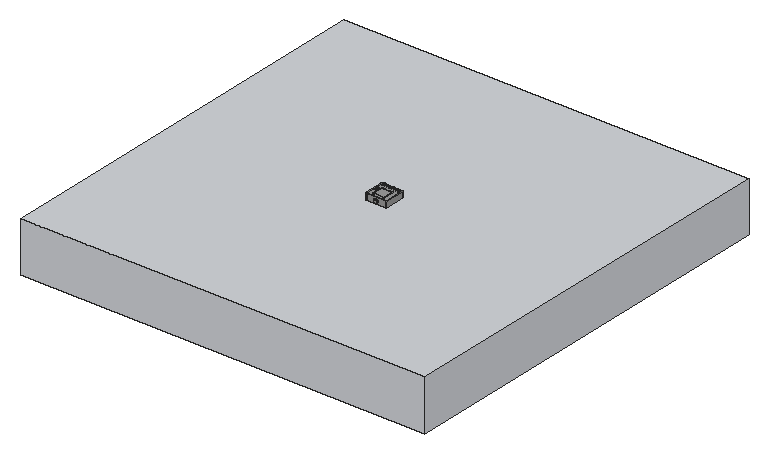
Revit family "Hekatron_Raumlufttechnik_DKT 02 or_DE_22.01", category Brandmelder, Revit 2018
Family settings
  Basisbauteil = Fläche
  Beschriftungsausrichtung beibehalten = Ja
  Bemaßung runder Anschluss = Durchmesser verwenden
  Teiletyp = Normal
  OmniClass-Nummer = 23.85.30.21
  OmniClass-Titel = Environmental Detection/Registration
  Beim Laden mit Abzugskörper schneiden = Nein
  Gemeinsam genutzt = Nein
  Raumberechnungspunkt = Nein
Parameters (values of type "DKT 02 or")
  Zulässige Umgebungstemperatur = ""
  Zulässige Luftgeschwindigkeit = ""
  Zulassungen nach EN 54 = ""
  Width [instance] = 125 mm
  Version des BIM Objektes = "22.01"
  VdS-Anerkennung = ""
  URL = "https://www.hekatron-brandschutz.de"
  UB A&S Artikel Nummer = "6200246"
  Typenkommentare = "Druckknopftaster DKT 02 orange"
  Tiefe (mm) = "125.0"
  Stromaufnahme = "10mA"
  Schutzart = "IP 20"
  Rauchteil einstellbar = ""
  Nettogewicht (g) = ""
  Montageart = "Aufputz"
  Modell = "DKT 02 or"
  Material = "Polycarbonat"
  Link zum Datenblatt = ""
  Link zu ausschreiben.de = "http://www.ausschreiben.de/katalog/Hekatron/position/186"
  Link zu Produktinformation = "https://www.hekatron-planungstools.de/Produktinfo/DKT_02_or.PDF"
  Link zu Ausschreibungstext = "https://www.hekatron-planungstools.de/LVTexte/DKT_02_or.pdf"
  Leistungserklärung (DoP) = ""
  Lautstärke DIN-Ton (dB) = ""
  Kabeleinführung = "oben, unten, hinten"
  Höhe (mm) = "125.0"
  Hersteller = "Hekatron"
  Heigth [instance] = 125 mm
  Funktionsprinzip = ""
  Farbe = "orange, ähnlich RAL 2011"
  Ex-Zonen = ""
  Einstellung Temperaturklasse nach EN 54-5 = ""
  Einstellung Temperaturindex nach EN 54-5 = ""
  Einstellung Rauchempfindlichkeit nach EN 54-20 = ""
  Einstellen Rauchempfindlichkeit nach EN 54-7 = ""
  EG-Konformitätszertifikat / Zertifikat der Leistungsbeständigkeit = ""
  Durchmesser (mm) = ""
  Depth [instance] = 38 mm
  Vorgabe-Ansicht = 1200 mm
  Breite (mm) = "38.0"
  Betriebsspannung = "24 V DC"
  Beschreibung = "Aufputz, zum manuellen Auslösen und Steuern der Rauchschutzklappen und von Feststellanlagen mit Selbsthaltung"
  Bauartgenehmigungen = ""
  Anzahl Ansaugleitungen = ""
  Ansprechtemperatur = ""
  Alarm- & Empfindlichkeitsbereich = ""
Reference planes
  plane 1 "Center (Front/Back)": y = 0
  plane 2: z = 0
  plane 3 "Center (Left/Right)": x = 0
Forms (mm)
  Extrusion 1, solid
    sketch origin (0, 0, 0) x (1, 0, 0) y (0, 1, 0)
      loop
        line (-1219.2, 1219.2) -> (-1219.2, -1219.2) -> (1219.2, -1219.2) -> (1219.2, 1219.2) -> (-1219.2, 1219.2)
    from 0 to -304.8
  Extrusion 2, solid, material "Polycarbonate, RAL 2011"
    sketch origin (0, 0, 0) x (1, 0, 0) y (0, 1, 0)
      loop
        line (59.615, 62.5) -> (-59.615, 62.5)
        arc (-59.615, 62.5) -> (-61.655, 61.655) -> (-62.5, 59.615) r 2.885
        line (-62.5, 59.615) -> (-62.5, -59.615)
        arc (-62.5, -59.615) -> (-61.655, -61.655) -> (-59.615, -62.5) r 2.885
        line (-59.615, -62.5) -> (59.615, -62.5)
        arc (59.615, -62.5) -> (61.655, -61.655) -> (62.5, -59.615) r 2.885
        line (62.5, -59.615) -> (62.5, 59.615)
        arc (62.5, 59.615) -> (61.655, 61.655) -> (59.615, 62.5) r 2.885
      loop
        line (56.25, 59.615) -> (-56.25, 59.615)
        arc (-56.25, 59.615) -> (-58.63, 58.63) -> (-59.615, 56.25) r 3.365
        line (-59.615, 56.25) -> (-59.615, -56.25)
        arc (-59.615, -56.25) -> (-58.63, -58.63) -> (-56.25, -59.615) r 3.365
        line (-56.25, -59.615) -> (56.25, -59.615)
        arc (56.25, -59.615) -> (58.63, -58.63) -> (59.615, -56.25) r 3.365
        line (59.615, -56.25) -> (59.615, 56.25)
        arc (59.615, 56.25) -> (58.63, 58.63) -> (56.25, 59.615) r 3.365
    from 0 to 38
  Extrusion 3, solid, material "Polycarbonate, RAL 2011"
    sketch origin (0, 0, 7) x (1, 0, 0) y (0, 1, 0)
      loop
        line (62.5, -59.423) -> (62.5, 59.423) -> (-56.25, 59.423)
        arc (-56.25, 59.423) -> (-58.494, 58.494) -> (-59.423, 56.25) r 3.173
        line (-59.423, 56.25) -> (-59.423, -56.25)
        arc (-59.423, -56.25) -> (-58.494, -58.494) -> (-56.25, -59.423) r 3.173
        line (-56.25, -59.423) -> (62.5, -59.423)
      loop
        line (33, 24.012) -> (-33, 24.012)
        arc (-33, 24.012) -> (-34.414, 23.426) -> (-35, 22.012) r 2
        line (-35, 22.012) -> (-35, -44.988)
        arc (-35, -44.988) -> (-34.414, -46.403) -> (-33, -46.988) r 2
        line (-33, -46.988) -> (33, -46.988)
        arc (33, -46.988) -> (34.414, -46.403) -> (35, -44.988) r 2
        line (35, -44.988) -> (35, 22.012)
        arc (35, 22.012) -> (34.414, 23.426) -> (33, 24.012) r 2
    from 27 to 31
  Extrusion 4, solid, material "Polycarbonate, RAL 2011"
    sketch origin (0, 0, 0) x (1, 0, 0) y (0, 1, 0)
      loop
        line (-56.25, -59.615) -> (56.25, -59.615)
        arc (56.25, -59.615) -> (58.63, -58.63) -> (59.615, -56.25) r 3.365
        line (59.615, -56.25) -> (59.615, 56.25)
        arc (59.615, 56.25) -> (58.63, 58.63) -> (56.25, 59.615) r 3.365
        line (56.25, 59.615) -> (-56.25, 59.615)
        arc (-56.25, 59.615) -> (-58.63, 58.63) -> (-59.615, 56.25) r 3.365
        line (-59.615, 56.25) -> (-59.615, -56.25)
        arc (-59.615, -56.25) -> (-58.63, -58.63) -> (-56.25, -59.615) r 3.365
    from 0 to 15
  Extrusion 5, solid, material "Stainless Steel, Polished"
    sketch origin (0, 0, 7) x (1, 0, 0) y (0, 1, 0)
      loop
        circle (-48.262, 0) r 9.502
    from 31.5 to 33
  Extrusion 6, solid, material "Polycarbonate, Clear"
    sketch origin (0, 0, 7) x (1, 0, 0) y (0, 1, 0)
      loop
        line (-35, 22.012) -> (-35, -44.988)
        arc (-35, -44.988) -> (-34.414, -46.403) -> (-33, -46.988) r 2
        line (-33, -46.988) -> (33, -46.988)
        arc (33, -46.988) -> (34.414, -46.403) -> (35, -44.988) r 2
        line (35, -44.988) -> (35, 22.012)
        arc (35, 22.012) -> (34.414, 23.426) -> (33, 24.012) r 2
        line (33, 24.012) -> (-33, 24.012)
        arc (-33, 24.012) -> (-34.414, 23.426) -> (-35, 22.012) r 2
    from 29 to 30
  Extrusion 7, void
    sketch origin (0, 0, 0) x (1, 0, 0) y (0, 1, 0)
      loop
        line (56.25, 59.615) -> (56.25, -59.615) -> (62.5, -59.615) -> (62.5, 59.615) -> (56.25, 59.615)
    from 34 to 38
  Sweep 8, void
    path in 3D
      loop
        line (62.5, -59.423, 38) -> (62.5, 59.423, 38)
    profile origin (62.5, 0, 38) x (-1, 0, 0) y (0, 0, 1)
      loop
        line (0, 0) -> (0, -2)
        arc (0, -2) -> (0.586, -0.586) -> (2, 0) r 2
        line (2, 0) -> (0, 0)
  Sweep 9, void
    path in 3D
      loop
        line (62.5, -61.8, 34) -> (62.5, 61.8, 34)
    profile origin (62.5, 0, 34) x (1, 0, 0) y (0, 0, -1)
      loop
        line (0, 0) -> (-2, 0)
        arc (-2, 0) -> (-0.586, -0.586) -> (0, -2) r 2
        line (0, -2) -> (0, 0)
  Extrusion 10, void
    sketch origin (0, 3.594, 7) x (1, 0, 0) y (0, 1, 0)
      loop
        line (0, 53.108) -> (-48, 53.108)
        arc (-48, 53.108) -> (-50.121, 52.23) -> (-51, 50.108) r 3
        line (-51, 50.108) -> (-51, 40.608)
        arc (-51, 40.608) -> (-50.121, 38.487) -> (-48, 37.608) r 3
        line (-48, 37.608) -> (0, 37.608) -> (48, 37.608)
        arc (48, 37.608) -> (50.121, 38.487) -> (51, 40.608) r 3
        line (51, 40.608) -> (51, 50.108)
        arc (51, 50.108) -> (50.121, 52.23) -> (48, 53.108) r 3
        line (48, 53.108) -> (0, 53.108)
    from 30.5 to 31
  Extrusion 11, solid, material "PVC"
    sketch origin (0, 3.594, 7) x (1, 0, 0) y (0, 1, 0)
      loop
        line (0, 53.108) -> (-48, 53.108)
        arc (-48, 53.108) -> (-50.121, 52.23) -> (-51, 50.108) r 3
        line (-51, 50.108) -> (-51, 40.608)
        arc (-51, 40.608) -> (-50.121, 38.487) -> (-48, 37.608) r 3
        line (-48, 37.608) -> (0, 37.608) -> (48, 37.608)
        arc (48, 37.608) -> (50.121, 38.487) -> (51, 40.608) r 3
        line (51, 40.608) -> (51, 50.108)
        arc (51, 50.108) -> (50.121, 52.23) -> (48, 53.108) r 3
        line (48, 53.108) -> (0, 53.108)
    from 30.5 to 30.8
  Extrusion 12, solid, material "Polycarbonate, RAL 2011"
    sketch origin (0, 0, 7) x (1, 0, 0) y (0, 1, 0)
      loop
        circle (-48.262, 0) r 10.002
    from 31 to 31.5
  Extrusion 13, void
    sketch origin (0, 0, 7) x (1, 0, 0) y (0, 1, 0)
      loop
        circle (-48.262, 7.254) r 2
    from 31.5 to 33
  Extrusion 14, solid, material "ABS Plastic, RAL 3001"
    sketch origin (0, 1.709, 3) x (1, 0, 0) y (0, 1, 0)
      loop
        circle (0, -12.075) r 7.542
    from 16 to 26
  Extrusion 15, solid, material "ABS Plastic"
    sketch origin (2.273, 1.709, 3) x (1, 0, 0) y (0, 1, 0)
      loop
        arc (-7.523, -24.131) -> (-8.23, -24.423) -> (-8.523, -25.131) r 1
        line (-8.523, -25.131) -> (-8.523, -35.631)
        arc (-8.523, -35.631) -> (-8.23, -36.338) -> (-7.523, -36.631) r 1
        line (-7.523, -36.631) -> (2.977, -36.631)
        arc (2.977, -36.631) -> (3.684, -36.338) -> (3.977, -35.631) r 1
        line (3.977, -35.631) -> (3.977, -25.131)
        arc (3.977, -25.131) -> (3.684, -24.423) -> (2.977, -24.131) r 1
        line (2.977, -24.131) -> (-7.523, -24.131)
      loop
        arc (-7.523, -24.631) -> (-7.877, -24.777) -> (-8.023, -25.131) r 0.5
        line (-8.023, -25.131) -> (-8.023, -35.631)
        arc (-8.023, -35.631) -> (-7.877, -35.984) -> (-7.523, -36.131) r 0.5
        line (-7.523, -36.131) -> (2.977, -36.131)
        arc (2.977, -36.131) -> (3.331, -35.984) -> (3.477, -35.631) r 0.5
        line (3.477, -35.631) -> (3.477, -25.131)
        arc (3.477, -25.131) -> (3.331, -24.777) -> (2.977, -24.631) r 0.5
        line (2.977, -24.631) -> (-7.523, -24.631)
    from 12 to 12.3
  Extrusion 16, solid, material "ABS Plastic"
    sketch origin (0, 1.709, 3) x (1, 0, 0) y (0, 1, 0)
      loop
        circle (0, -12.075) r 6.542
    from 12 to 16
  Revolve 17, solid, material "LED Red, Off"
    sketch origin (0, 0, 3) x (1, 0, 0) y (0, 0, 1)
      loop
        line (0, 12) -> (0, 14)
        arc (0, 14) -> (-1.414, 13.414) -> (-2, 12) r 2
        line (-2, 12) -> (0, 12)
      axis (0, 14) -> (0, 12)
    angle from 0 to 360
  Revolve 18, solid, material "LED Green, Off"
    sketch origin (-28.78, 0, 3) x (1, 0, 0) y (0, 0, 1)
      loop
        line (0, 12) -> (0, 14)
        arc (0, 14) -> (-1.414, 13.414) -> (-2, 12) r 2
        line (-2, 12) -> (0, 12)
      axis (0, 14) -> (0, 12)
    angle from 0 to 360
  Extrusion 19, solid, material "ABS Plastic"
    sketch origin (0, 1.709, 3) x (1, 0, 0) y (0, 1, 0)
      loop
        arc (-24.526, 0.624) -> (-25.233, 0.331) -> (-25.526, -0.376) r 1
        line (-25.526, -0.376) -> (-25.526, -3.376)
        arc (-25.526, -3.376) -> (-25.233, -4.083) -> (-24.526, -4.376) r 1
        line (-24.526, -4.376) -> (-19.026, -4.376)
        arc (-19.026, -4.376) -> (-18.319, -4.083) -> (-18.026, -3.376) r 1
        line (-18.026, -3.376) -> (-18.026, -0.376)
        arc (-18.026, -0.376) -> (-18.319, 0.331) -> (-19.026, 0.624) r 1
        line (-19.026, 0.624) -> (-24.526, 0.624)
      loop
        arc (-24.526, 0.124) -> (-24.88, -0.022) -> (-25.026, -0.376) r 0.5
        line (-25.026, -0.376) -> (-25.026, -3.376)
        arc (-25.026, -3.376) -> (-24.88, -3.729) -> (-24.526, -3.876) r 0.5
        line (-24.526, -3.876) -> (-19.026, -3.876)
        arc (-19.026, -3.876) -> (-18.672, -3.729) -> (-18.526, -3.376) r 0.5
        line (-18.526, -3.376) -> (-18.526, -0.376)
        arc (-18.526, -0.376) -> (-18.672, -0.022) -> (-19.026, 0.124) r 0.5
        line (-19.026, 0.124) -> (-24.526, 0.124)
    from 12 to 12.3
  Extrusion 20, solid, material "Polycarbonate, RAL 2011"
    sketch origin (0, 0, 2.5) x (1, 0, 0) y (0, 0, 1)
      loop
        circle (0, 12.5) r 12
    from -65 to -62.5
  Extrusion 21, solid, material "Polycarbonate, RAL 2011"
    sketch origin (0, 0, 2.5) x (1, 0, 0) y (0, 0, 1)
      loop
        circle (0, 12.5) r 10
    from -67 to -65
  Extrusion 22, solid, material "Polycarbonate, RAL 2011"
    sketch origin (0, 0, 2.5) x (1, 0, 0) y (0, 0, -1)
      loop
        circle (0, -12.5) r 12
    from -65 to -62.5
  Extrusion 23, solid, material "Polycarbonate, RAL 2011"
    sketch origin (0, 0, 2.5) x (1, 0, 0) y (0, 0, -1)
      loop
        circle (0, -12.5) r 10
    from -67 to -65
Cuts and joins
  Extrusion 7 cuts Extrusion 2
  joined: Extrusion 2, Extrusion 20, Extrusion 21
  Sweep 8, Sweep 9, Extrusion 10 cuts Extrusion 3
  joined: Extrusion 3, Extrusion 12
  Extrusion 13 cuts Extrusion 5
Lines and regions (mm)
  sketch lines
    curve 1: line (62.5, -59.423, 38) -> (62.5, 59.423, 38)
    curve 2: line (62.5, -61.8, 34) -> (62.5, 61.8, 34)
Dimensions and locks
  "Depth": cut or joined group of Extrusion 2, Extrusion 7, Extrusion 20, Extrusion 21 to Extrusion 1
  "Width": cut or joined group of Extrusion 2, Extrusion 7, Extrusion 20, Extrusion 21 to cut or joined group of Extrusion 2, Extrusion 7, Extrusion 20, Extrusion 21
  "Heigth": cut or joined group of Extrusion 2, Extrusion 7, Extrusion 20, Extrusion 21 to cut or joined group of Extrusion 2, Extrusion 7, Extrusion 20, Extrusion 21
  aligned and locked: plane 2 to Extrusion 1
  aligned and locked: level to Extrusion 1
Automatic sketch dimensions
  Extrusion 1 sketch curve to Extrusion 1 sketch curve = 2438.4 mm  (x2)
  Extrusion 2 sketch curve to plane 3 "Center (Left/Right)" = 62.5 mm
  Extrusion 2 sketch curve to Extrusion 2 sketch curve = 2.885 mm  (x3)
  Extrusion 2 sketch curve to Extrusion 2 sketch curve = 0 mm  (x2)
  Extrusion 2 sketch curve to Extrusion 2 sketch curve = 3.365 mm  (x6)
  plane 3 "Center (Left/Right)" to Extrusion 2 sketch curve = 56.25 mm  (x2)
  plane 1 "Center (Front/Back)" to Extrusion 2 sketch curve = 62.5 mm
  Extrusion 2 sketch curve to plane 1 "Center (Front/Back)" = 56.25 mm
  Extrusion 3 sketch curve to plane 3 "Center (Left/Right)" = 59.423 mm
  Extrusion 3 sketch curve to Extrusion 3 sketch curve = 3.173 mm  (x2)
  Extrusion 3 sketch curve to plane 3 "Center (Left/Right)" = 35 mm
  Extrusion 3 sketch curve to Extrusion 3 sketch curve = 2 mm  (x3)
  plane 3 "Center (Left/Right)" to Extrusion 3 sketch curve = 33 mm  (x2)
  Extrusion 3 sketch curve to Extrusion 3 sketch curve = 29.5 mm
  plane 1 "Center (Front/Back)" to Extrusion 3 sketch curve = 59.423 mm
  Extrusion 3 sketch curve to Extrusion 3 sketch curve = 9.262 mm
  Extrusion 3 sketch curve to plane 1 "Center (Front/Back)" = 22.012 mm
  Extrusion 3 sketch curve to Extrusion 3 sketch curve = 32.238 mm
  Extrusion 4 sketch curve to plane 3 "Center (Left/Right)" = 59.615 mm
  Extrusion 4 sketch curve to Extrusion 4 sketch curve = 3.365 mm  (x3)
  plane 3 "Center (Left/Right)" to Extrusion 4 sketch curve = 56.25 mm  (x2)
  plane 1 "Center (Front/Back)" to Extrusion 4 sketch curve = 59.615 mm
  Extrusion 4 sketch curve to plane 1 "Center (Front/Back)" = 56.25 mm
  plane 1 "Center (Front/Back)" to Extrusion 5 sketch curve = 0 mm
  Extrusion 5 sketch curve to plane 3 "Center (Left/Right)" = 48.262 mm
  Extrusion 6 sketch curve to plane 3 "Center (Left/Right)" = 35 mm
  Extrusion 6 sketch curve to Extrusion 6 sketch curve = 2 mm  (x3)
  plane 3 "Center (Left/Right)" to Extrusion 6 sketch curve = 33 mm  (x2)
  plane 1 "Center (Front/Back)" to Extrusion 6 sketch curve = 46.988 mm
  Extrusion 6 sketch curve to plane 1 "Center (Front/Back)" = 22.012 mm
  plane 3 "Center (Left/Right)" to Extrusion 7 sketch curve = 56.25 mm
  Extrusion 7 sketch curve to Extrusion 7 sketch curve = 6.25 mm
  plane 1 "Center (Front/Back)" to Extrusion 7 sketch curve = 59.615 mm
  Extrusion 7 sketch curve to plane 1 "Center (Front/Back)" = 59.615 mm
  Sweep 8 sketch curve to profile plane = 0 mm  (x2)
  Sweep 8 sketch curve to profile plane = 2 mm
  Sweep 9 sketch curve to profile plane = 0 mm
  profile plane to Sweep 9 sketch curve = 0 mm
  profile plane to Sweep 9 sketch curve = 2 mm
  Extrusion 10 sketch curve to plane 3 "Center (Left/Right)" = 0 mm  (x2)
  Extrusion 10 sketch curve to plane 3 "Center (Left/Right)" = 48 mm
  Extrusion 10 sketch curve to Extrusion 10 sketch curve = 0 mm  (x2)
  Extrusion 10 sketch curve to Extrusion 10 sketch curve = 3 mm  (x2)
  plane 3 "Center (Left/Right)" to Extrusion 10 sketch curve = 48 mm
  Extrusion 10 sketch curve to plane 1 "Center (Front/Back)" = 41.202 mm
  Extrusion 10 sketch curve to Extrusion 10 sketch curve = 9.5 mm
  Extrusion 11 sketch curve to plane 3 "Center (Left/Right)" = 0 mm  (x2)
  Extrusion 11 sketch curve to plane 3 "Center (Left/Right)" = 48 mm
  Extrusion 11 sketch curve to Extrusion 11 sketch curve = 0 mm  (x2)
  Extrusion 11 sketch curve to Extrusion 11 sketch curve = 3 mm  (x2)
  plane 3 "Center (Left/Right)" to Extrusion 11 sketch curve = 48 mm
  Extrusion 11 sketch curve to plane 1 "Center (Front/Back)" = 41.202 mm
  Extrusion 11 sketch curve to Extrusion 11 sketch curve = 9.5 mm
  Extrusion 12 sketch curve to Extrusion 12 sketch curve = 0 mm  (x2)
  plane 1 "Center (Front/Back)" to Extrusion 12 sketch curve = 0 mm
  Extrusion 12 sketch curve to plane 3 "Center (Left/Right)" = 48.262 mm
  Extrusion 12 sketch curve to Extrusion 12 sketch curve = 10.002 mm
  Extrusion 13 sketch curve to plane 1 "Center (Front/Back)" = 7.254 mm
  Extrusion 13 sketch curve to plane 3 "Center (Left/Right)" = 48.262 mm
  Extrusion 14 sketch curve to plane 3 "Center (Left/Right)" = 0 mm
  plane 1 "Center (Front/Back)" to Extrusion 14 sketch curve = 10.366 mm
  Extrusion 15 sketch curve to Extrusion 15 sketch curve = 0 mm  (x8)
  Extrusion 15 sketch curve to plane 3 "Center (Left/Right)" = 6.25 mm
  Extrusion 15 sketch curve to Extrusion 15 sketch curve = 0.5 mm  (x4)
  plane 3 "Center (Left/Right)" to Extrusion 15 sketch curve = 5.25 mm  (x2)
  plane 1 "Center (Front/Back)" to Extrusion 15 sketch curve = 34.922 mm
  Extrusion 15 sketch curve to Extrusion 15 sketch curve = 10.5 mm
  Extrusion 16 sketch curve to Extrusion 16 sketch curve = 0 mm  (x2)
  Extrusion 16 sketch curve to plane 3 "Center (Left/Right)" = 0 mm
  plane 1 "Center (Front/Back)" to Extrusion 16 sketch curve = 10.366 mm
  Extrusion 16 sketch curve to Extrusion 16 sketch curve = 6.542 mm
  Revolve 17 sketch curve to plane 3 "Center (Left/Right)" = 0 mm  (x2)
  Revolve 17 sketch curve to plane 3 "Center (Left/Right)" = 2 mm
  level to Revolve 17 sketch curve = 15 mm
  Revolve 17 sketch curve to level = 606.6 mm
  Revolve 17 sketch curve to Revolve 17 sketch curve = 2595.058 mm
  Revolve 18 sketch curve to plane 3 "Center (Left/Right)" = 30.78 mm
  Revolve 18 sketch curve to Revolve 18 sketch curve = 2 mm
  level to Revolve 18 sketch curve = 15 mm
  Revolve 18 sketch curve to plane 3 "Center (Left/Right)" = 28.78 mm
  Revolve 18 sketch curve to level = 606.6 mm
  Revolve 18 sketch curve to Revolve 18 sketch curve = 2595.058 mm
  Extrusion 19 sketch curve to Extrusion 19 sketch curve = 0 mm  (x9)
  plane 1 "Center (Front/Back)" to Extrusion 19 sketch curve = 1.667 mm  (x2)
  Extrusion 19 sketch curve to plane 3 "Center (Left/Right)" = 25.526 mm
  Extrusion 19 sketch curve to Extrusion 19 sketch curve = 0.5 mm  (x3)
  Extrusion 19 sketch curve to plane 1 "Center (Front/Back)" = 1.833 mm
  Extrusion 19 sketch curve to Extrusion 19 sketch curve = 5.5 mm
  Extrusion 20 sketch curve to plane 3 "Center (Left/Right)" = 0 mm
  level to Extrusion 20 sketch curve = 15 mm
  Extrusion 21 sketch curve to plane 3 "Center (Left/Right)" = 0 mm
  level to Extrusion 21 sketch curve = 15 mm
  Extrusion 22 sketch curve to plane 3 "Center (Left/Right)" = 0 mm
  level to Extrusion 22 sketch curve = 15 mm
  Extrusion 23 sketch curve to plane 3 "Center (Left/Right)" = 0 mm
  level to Extrusion 23 sketch curve = 15 mm
  radius of Extrusion 5 sketch curve = 9.502 mm
  radius of Extrusion 13 sketch curve = 2 mm
  radius of Extrusion 14 sketch curve = 7.542 mm
  radius of Extrusion 20 sketch curve = 12 mm
  radius of Extrusion 21 sketch curve = 10 mm
  radius of Extrusion 22 sketch curve = 12 mm
  radius of Extrusion 23 sketch curve = 10 mm
Connectors
  electrical at (0, 0, 0)
    settings: on cut or joined group of Extrusion 2, Extrusion 7, Extrusion 20, Extrusion 21, index 1, voltage 0 V, apparent load 0 VA, apparent load phase1 0 VA, apparent load phase2 0 VA, apparent load phase3 0 VA, power factor 1, load classification "Other", number of poles 1, system type 11, power factor state 1, is connector primary yes, connector utility no, sub classification motor no, connector description ""
